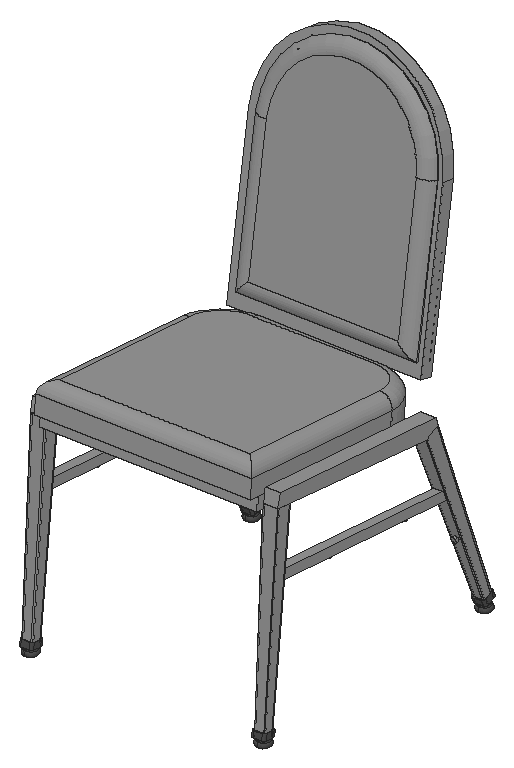
Revit family "8227", category Furniture, Revit 2020
Family settings
  OmniClass Number = 23.40.20.14.14.11
  OmniClass Title = Chairs
  Work Plane-Based = No
  Always vertical = Yes
  Cut with Voids When Loaded = No
  Shared = Yes
  Room Calculation Point = No
Parameters (values of type "Chair-Desk")
  Seat/Back Material = Textile - Slate Blue
  Default Elevation = 0 mm
  Base Material = Steel, Chrome Plated
  Assembly Code = "E2020200"
Reference planes
  plane 1: y = -176.811
  plane 2: z = 0
  plane 3 "Center (Left/Right)": through (297.766, 0, 0.069) normal (0.9998, 0, 0.0175)
  plane 4: z = 0
  plane 5: y = 376.652
  plane 6: y = -174.348
  plane 7: z = 0
  plane 8: through (-799.018, 214.634, 371.111) normal (0, 0.3746, -0.9272)
  plane 9: through (-799.018, -156.842, 14.302) normal (0, 0.0839, 0.9965)
  plane 10: through (-799.018, -114.45, 401.491) normal (0, 0.1413, 0.99)
  plane 11: z = 940
  plane 12: through (-799.018, 238.893, 377.093) normal (0, 0.0049, 1)
  plane 13: z = 480
  plane 14: z = 16
  plane 15: x = -10
  plane 16: through (-799.018, 272.866, 451.103) normal (0, 0.987, -0.1605)
  plane 17: through (-799.018, 232.541, 396.741) normal (0, 0.0913, 0.9958)
  plane 18: x = 460
  plane 19: x = 31.831
  plane 20: x = 406.831
  plane 21: through (-799.018, 351.369, 931.305) normal (0, -0.1635, -0.9865)
  plane 22: through (-799.018, 267.665, 426.624) normal (0, -0.1635, -0.9865)
  plane 23: x = 15
  plane 24: x = 435
Forms (mm)
  SweptBlend 1, solid, material "8227_metal 1"
    path origin (0, -310.908, 403.908) x (0, -1, 0.000197) y (0, -0.000197, -1)
      loop
        line (-176.812, -0.71) -> (-144.178, 387.922)
    profile origin (0, -134.096, 404.583) x (0, 0.996476, -0.083874) y (1, 0, 0)
      loop
        arc (-15, -13.394) -> (-14.53, -14.53) -> (-13.394, -15) r 1.606
        line (-13.394, -15) -> (13.447, -15)
        arc (13.447, -15) -> (14.545, -14.545) -> (15, -13.447) r 1.553
        line (15, -13.447) -> (15, 13.351)
        arc (15, 13.351) -> (14.517, 14.517) -> (13.351, 15) r 1.649
        line (13.351, 15) -> (-13.419, 15)
        arc (-13.419, 15) -> (-14.537, 14.537) -> (-15, 13.419) r 1.581
        line (-15, 13.419) -> (-15, -13.394)
    end profile origin (0, -166.807, 15.957) x (0, 0.996476, -0.083874) y (1, 0, 0)
      loop
        arc (-10, -8.398) -> (-9.531, -9.531) -> (-8.398, -10) r 1.602
        line (-8.398, -10) -> (8.419, -10)
        arc (8.419, -10) -> (9.537, -9.537) -> (10, -8.419) r 1.581
        line (10, -8.419) -> (10, 8.376)
        arc (10, 8.376) -> (9.524, 9.524) -> (8.376, 10) r 1.624
        line (8.376, 10) -> (-8.405, 10)
        arc (-8.405, 10) -> (-9.533, 9.533) -> (-10, 8.405) r 1.595
        line (-10, 8.405) -> (-10, -8.398)
  SweptBlend 2, solid, material "8227_metal 1"
    path origin (0, -47.698, 67.889) x (0, 1, 0) y (0, 0, 1)
      loop
        line (271.851, 307.067) -> (415.161, -47.637)
    profile origin (0, 224.153, 374.956) x (0, 0.927184, 0.374607) y (1, 0, 0)
      loop
        arc (15, 13.433) -> (14.541, 14.541) -> (13.433, 15) r 1.567
        line (13.433, 15) -> (-13.401, 15)
        arc (-13.401, 15) -> (-14.532, 14.532) -> (-15, 13.401) r 1.599
        line (-15, 13.401) -> (-15, -13.4)
        arc (-15, -13.4) -> (-14.531, -14.531) -> (-13.4, -15) r 1.6
        line (-13.4, -15) -> (13.385, -15)
        arc (13.385, -15) -> (14.527, -14.527) -> (15, -13.385) r 1.615
        line (15, -13.385) -> (15, 13.433)
    end profile origin (0, 367.463, 20.251) x (0, 0.927184, 0.374607) y (1, 0, 0)
      loop
        arc (-8.435, 10) -> (-9.542, 9.542) -> (-10, 8.435) r 1.565
        line (-10, 8.435) -> (-10, -8.414)
        arc (-10, -8.414) -> (-9.535, -9.535) -> (-8.414, -10) r 1.586
        line (-8.414, -10) -> (8.362, -10)
        arc (8.362, -10) -> (9.52, -9.52) -> (10, -8.362) r 1.638
        line (10, -8.362) -> (10, 8.404)
        arc (10, 8.404) -> (9.533, 9.533) -> (8.404, 10) r 1.596
        line (8.404, 10) -> (-8.435, 10)
  Extrusion 3, solid, material "8227_metal 1"
    sketch origin (0, -13.82, -7.939) x (0, 0.998328, -0.057811) y (0, 0.057811, 0.998328)
      loop
        line (201.898, 389.607) -> (228.954, 402.405) -> (222.554, 418.246) -> (-155.062, 430.926) -> (-158.791, 405.453) -> (201.898, 389.607)
    from -15 to 15
  Sweep 4, solid, material "8227_metal 1"
    path origin (0, -16.016, -6.743) x (0, 0.998521, -0.054375) y (0, 0.054375, 0.998521)
      loop
        line (269.962, 259.072) -> (-131.614, 272.939)
    profile origin (0, 67.519, 255.108) x (0, -0.088803, -0.996049) y (1, 0, 0)
      loop
        line (0, 9) -> (-18, 9) -> (-18, -9) -> (0, -9) -> (0, 9)
  Extrusion 5, solid, material "8227_metal 1"
    sketch origin (14.625, 321.18, 232.493) x (0, -0.996049, 0.088803) y (-1, 0, 0)
      loop
        line (142.759, 18.16) -> (142.786, 11.509) -> (148.56, 8.206) -> (154.28, 11.539) -> (154.28, 18.279) -> (148.569, 21.546) -> (142.759, 18.16)
    from 0 to 4.8
  Extrusion 6, solid, material "8227_metal 1"
    sketch origin (14.625, 136.911, 248.921) x (0, -0.996049, 0.088803) y (-1, 0, 0)
      loop
        line (142.759, 18.16) -> (142.786, 11.509) -> (148.56, 8.206) -> (154.28, 11.539) -> (154.28, 18.279) -> (148.569, 21.546) -> (142.759, 18.16)
    from 0 to 4.8
  Extrusion 7, solid
    sketch origin (0.008, 367.454, 20.247) x (0, -0.927184, -0.374607) y (-1, 0, 0)
      loop
        line (-10.01, 8.37) -> (-10.01, -8.396)
        arc (-10.01, -8.396) -> (-9.543, -9.525) -> (-8.415, -9.992) r 1.596
        line (-8.415, -9.992) -> (8.425, -9.992)
        arc (8.425, -9.992) -> (9.531, -9.534) -> (9.99, -8.427) r 1.565
        line (9.99, -8.427) -> (9.99, 8.422)
        arc (9.99, 8.422) -> (9.525, 9.543) -> (8.403, 10.008) r 1.586
        line (8.403, 10.008) -> (-8.372, 10.008)
        arc (-8.372, 10.008) -> (-9.531, 9.528) -> (-10.01, 8.37) r 1.638
      loop
        line (-13.01, 8.37) -> (-13.01, -8.396)
        arc (-13.01, -8.396) -> (-11.664, -11.646) -> (-8.415, -12.992) r 4.596
        line (-8.415, -12.992) -> (8.425, -12.992)
        arc (8.425, -12.992) -> (11.653, -11.655) -> (12.99, -8.427) r 4.565
        line (12.99, -8.427) -> (12.99, 8.422)
        arc (12.99, 8.422) -> (11.646, 11.665) -> (8.403, 13.008) r 4.586
        line (8.403, 13.008) -> (-8.372, 13.008)
        arc (-8.372, 13.008) -> (-11.652, 11.65) -> (-13.01, 8.37) r 4.638
    from 2 to -10
  Extrusion 8, solid
    sketch origin (0.008, 367.454, 20.247) x (0, -0.927184, -0.374607) y (-1, 0, 0)
      loop
        arc (-10.01, -8.396) -> (-9.543, -9.525) -> (-8.415, -9.992) r 1.596
        line (-8.415, -9.992) -> (8.425, -9.992)
        arc (8.425, -9.992) -> (9.531, -9.534) -> (9.99, -8.427) r 1.565
        line (9.99, -8.427) -> (9.99, 8.422)
        arc (9.99, 8.422) -> (9.525, 9.543) -> (8.403, 10.008) r 1.586
        line (8.403, 10.008) -> (-8.372, 10.008)
        arc (-8.372, 10.008) -> (-9.531, 9.528) -> (-10.01, 8.37) r 1.638
        line (-10.01, 8.37) -> (-10.01, -8.396)
    from 0 to 2
  Extrusion 9, solid
    sketch origin (-0.004, -166.808, 15.957) x (-1, 0, 0) y (0, 0.996476, -0.083874)
      loop
        line (-8.41, -9.999) -> (8.393, -9.999)
        arc (8.393, -9.999) -> (9.526, -9.53) -> (9.996, -8.397) r 1.602
        line (9.996, -8.397) -> (9.996, 8.42)
        arc (9.996, 8.42) -> (9.533, 9.538) -> (8.415, 10.001) r 1.581
        line (8.415, 10.001) -> (-8.38, 10.001)
        arc (-8.38, 10.001) -> (-9.529, 9.525) -> (-10.004, 8.377) r 1.624
        line (-10.004, 8.377) -> (-10.004, -8.404)
        arc (-10.004, -8.404) -> (-9.537, -9.532) -> (-8.41, -9.999) r 1.595
      loop
        line (-8.41, -12.999) -> (8.393, -12.999)
        arc (8.393, -12.999) -> (11.648, -11.651) -> (12.996, -8.397) r 4.602
        line (12.996, -8.397) -> (12.996, 8.42)
        arc (12.996, 8.42) -> (11.654, 11.659) -> (8.415, 13.001) r 4.581
        line (8.415, 13.001) -> (-8.38, 13.001)
        arc (-8.38, 13.001) -> (-11.65, 11.647) -> (-13.004, 8.377) r 4.624
        line (-13.004, 8.377) -> (-13.004, -8.404)
        arc (-13.004, -8.404) -> (-11.659, -11.653) -> (-8.41, -12.999) r 4.595
    from 2 to -10
  Extrusion 10, solid
    sketch origin (-0.004, -166.808, 15.957) x (-1, 0, 0) y (0, 0.996476, -0.083874)
      loop
        arc (8.393, -9.999) -> (9.526, -9.53) -> (9.996, -8.397) r 1.602
        line (9.996, -8.397) -> (9.996, 8.42)
        arc (9.996, 8.42) -> (9.533, 9.538) -> (8.415, 10.001) r 1.581
        line (8.415, 10.001) -> (-8.38, 10.001)
        arc (-8.38, 10.001) -> (-9.529, 9.525) -> (-10.004, 8.377) r 1.624
        line (-10.004, 8.377) -> (-10.004, -8.404)
        arc (-10.004, -8.404) -> (-9.537, -9.532) -> (-8.41, -9.999) r 1.595
        line (-8.41, -9.999) -> (8.393, -9.999)
    from 0 to 2
  Sweep 11, solid, material "8227_metal 1"
    path origin (0, -11.571, 409.314) x (-1, 0, 0) y (0, 0.995994, -0.089423)
      loop
        line (-15, -151.277) -> (-15, 173.723)
        arc (-15, 173.723) -> (-38.431, 230.291) -> (-95, 253.723) r 80
        line (-95, 253.723) -> (-355, 253.723)
        arc (-355, 253.723) -> (-411.569, 230.291) -> (-435, 173.723) r 80
        line (-435, 173.723) -> (-435, -151.277) -> (-15, -151.277)
    profile origin (225, -162.242, 422.841) x (0, -0.995994, 0.089423) y (0, -0.089423, -0.995994)
      loop
        line (0, 25) -> (-25, 25) -> (-25, 0) -> (0, 0) -> (0, 25)
  Extrusion 12, solid
    sketch origin (15, -162.242, 422.841) x (1, 0, 0) y (0, 0.995994, -0.089423)
      loop
        line (25, 195) -> (395, 195) -> (395, 220) -> (25, 220) -> (25, 195)
    from 0 to -25
  Extrusion 13, solid, material "8227_fabric 1"
    sketch origin (15, -162.242, 422.841) x (1, 0, 0) y (0, 0.995994, -0.089423)
      loop
        line (30.745, 15.373) -> (388.882, 15.373) -> (388.882, 334.627)
        arc (388.882, 334.627) -> (372.773, 373.518) -> (333.882, 389.627) r 55
        line (333.882, 389.627) -> (85.745, 389.627)
        arc (85.745, 389.627) -> (46.855, 373.518) -> (30.745, 334.627) r 55
        line (30.745, 334.627) -> (30.745, 15.373)
    from 0 to 59.386
  Extrusion 14, solid, material "8227_metal 1"
    sketch origin (440, 202.804, 373.722) x (0, 0.927184, 0.374607) y (1, 0, 0)
      loop
        line (17.271, -5) -> (17.271, -431) -> (32, -431) -> (32, -5) -> (17.271, -5)
    from 28.077 to 41.791
  Sweep 15, solid, material "8227_fabric 1"
    path origin (15, -162.242, 422.841) x (1, 0, 0) y (0, 0.995994, -0.089423)
      loop
        line (15.373, 0) -> (404.255, 0) -> (404.255, 325)
        arc (404.255, 325) -> (380.823, 381.569) -> (324.255, 405) r 80
        line (324.255, 405) -> (95.373, 405)
        arc (95.373, 405) -> (38.804, 381.569) -> (15.373, 325) r 80
        line (15.373, 325) -> (15.373, 0)
    profile origin (224.814, -162.242, 422.841) x (0, 0.995994, -0.089423) y (0, 0.089423, 0.995994)
      loop
        line (-14.627, 34.386) -> (-14.627, 0) -> (15.373, 0) -> (15.373, 59.386) -> (10.373, 59.386)
        arc (10.373, 59.386) -> (-7.305, 52.064) -> (-14.627, 34.386) r 25
  Sweep 16, solid, material "8227_metal 1"
    path origin (345, 272.9, 436.359) x (-1, 0, 0) y (0, 0.16349, 0.986545)
      loop
        line (-50, 2.04) -> (300, 2.04) -> (300, 313.711)
        arc (300, 313.711) -> (125, 488.711) -> (-50, 313.711) r 175
        line (-50, 313.711) -> (-50, 2.04)
    profile origin (220, 273.233, 438.372) x (0, 0.16349, 0.986545) y (0, 0.986545, -0.16349)
      loop
        line (12.5, -3.572) -> (12.5, 21.428) -> (-12.5, 21.428) -> (-12.5, -3.572) -> (12.5, -3.572)
  Extrusion 17, solid, material "8227_fabric 1"
    sketch origin (387.5, 271.752, 451.287) x (-1, 0, 0) y (0, -0.16349, -0.986545)
      loop
        arc (20, -299.171) -> (170, -449.171) -> (320, -299.171) r 150
        line (320, -299.171) -> (320, -30) -> (20, -30) -> (20, -299.171)
    from 0 to 15
  Sweep 18, solid, material "8227_fabric 1"
    path origin (397.5, 256.954, 453.74) x (-1, 0, 0) y (0, -0.16349, -0.986545)
      loop
        arc (30, -299.171) -> (175, -444.171) -> (320, -299.171) r 145
        line (320, -299.171) -> (320, -30) -> (30, -30) -> (30, -299.171)
    profile origin (222.5, 329.572, 891.935) x (0, -0.16349, -0.986545) y (0, -0.986545, 0.16349)
      loop
        arc (0, 0) -> (-17.889, -1.722) -> (-30, -15) r 25
        line (-30, -15) -> (0, -15) -> (0, 0)
  Extrusion 19, solid, material "8227_fabric 1"
    sketch origin (222.5, 320.664, 746.433) x (0, 0.16349, 0.986545) y (1, 0, 0)
      loop
        arc (0, -175) -> (175, 0) -> (0, 175) r 175
        line (0, 175) -> (-299.171, 175) -> (-299.171, -175) -> (0, -175)
    from 0 to 30
  Sweep 20, solid, material "8227_fabric 1"
    path origin (222.5, 350.26, 741.528) x (0, 0.16349, 0.986545) y (1, 0, 0)
      loop
        arc (0, -175) -> (175, 0) -> (0, 175) r 175
        line (0, 175) -> (-299.171, 175) -> (-299.171, -175) -> (0, -175)
    profile origin (222.5, 378.871, 914.174) x (0, -0.16349, -0.986545) y (0, 0.986545, -0.16349)
      loop
        line (0, -5) -> (0, 0)
        arc (0, 0) -> (-3.536, -1.464) -> (-5, -5) r 5
        line (-5, -5) -> (0, -5)
  Extrusion 21, solid, material "8227_metal 1"
    sketch origin (32.5, 267.665, 426.624) x (0, 0.16349, 0.986545) y (0, 0.986545, -0.16349)
      loop
        line (-0.089, 12.52) -> (-29.683, 12.52)
        arc (-29.683, 12.52) -> (-49.85, 2.93) -> (-55.14, -18.765) r 26
        line (-55.14, -18.765) -> (-50.45, -21.629)
        arc (-50.45, -21.629) -> (-48.406, -0.189) -> (-29.422, 9.983) r 22.8
        line (-29.422, 9.983) -> (-0.089, 9.983) -> (-0.089, 12.52)
    from -269.872 to -128.098
  Extrusion 22, solid, material "8227_metal 1"
    sketch origin (-235.384, 284.737, 185.004) x (-1, 0, 0) y (0, 0.385129, -0.922863)
      loop
        line (-239.182, 39.021) -> (-239.182, 33.248) -> (-234.182, 30.361) -> (-229.182, 33.248) -> (-229.182, 39.021) -> (-234.182, 41.908) -> (-239.182, 39.021)
    from -2.497 to 2.5
  Extrusion 23, solid, material "8227_metal 1"
    sketch origin (-235.384, -137.799, 186.018) x (-1, 0, 0) y (0, -0.09321, -0.995647)
      loop
        line (-239.182, 39.021) -> (-239.182, 33.248) -> (-234.182, 30.361) -> (-229.182, 33.248) -> (-229.182, 39.021) -> (-234.182, 41.908) -> (-239.182, 39.021)
    from -2.497 to 2.5
  SweptBlend 24, solid, material "8227_metal 1"
    path origin (450, -310.908, 403.908) x (0, -1, 0.000197) y (0, -0.000197, -1)
      loop
        line (-176.812, -0.71) -> (-144.178, 387.922)
    profile origin (450, -134.096, 404.583) x (0, 0.996476, -0.083874) y (1, 0, 0)
      loop
        arc (-15, -13.394) -> (-14.53, -14.53) -> (-13.394, -15) r 1.606
        line (-13.394, -15) -> (13.447, -15)
        arc (13.447, -15) -> (14.545, -14.545) -> (15, -13.447) r 1.553
        line (15, -13.447) -> (15, 13.351)
        arc (15, 13.351) -> (14.517, 14.517) -> (13.351, 15) r 1.649
        line (13.351, 15) -> (-13.419, 15)
        arc (-13.419, 15) -> (-14.537, 14.537) -> (-15, 13.419) r 1.581
        line (-15, 13.419) -> (-15, -13.394)
    end profile origin (450, -166.807, 15.957) x (0, 0.996476, -0.083874) y (1, 0, 0)
      loop
        arc (-10, -8.398) -> (-9.531, -9.531) -> (-8.398, -10) r 1.602
        line (-8.398, -10) -> (8.419, -10)
        arc (8.419, -10) -> (9.537, -9.537) -> (10, -8.419) r 1.581
        line (10, -8.419) -> (10, 8.376)
        arc (10, 8.376) -> (9.524, 9.524) -> (8.376, 10) r 1.624
        line (8.376, 10) -> (-8.405, 10)
        arc (-8.405, 10) -> (-9.533, 9.533) -> (-10, 8.405) r 1.595
        line (-10, 8.405) -> (-10, -8.398)
  Extrusion 25, solid, material "8227_metal 1"
    sketch origin (450, -13.82, -7.939) x (0, 0.998328, -0.057811) y (0, 0.057811, 0.998328)
      loop
        line (201.898, 389.607) -> (228.954, 402.405) -> (222.554, 418.246) -> (-155.062, 430.926) -> (-158.791, 405.453) -> (201.898, 389.607)
    from -15 to 15
  Sweep 26, solid, material "8227_metal 1"
    path origin (450, -16.016, -6.743) x (0, 0.998521, -0.054375) y (0, 0.054375, 0.998521)
      loop
        line (269.962, 259.072) -> (-131.614, 272.939)
    profile origin (450, 67.519, 255.108) x (0, -0.088803, -0.996049) y (1, 0, 0)
      loop
        line (0, 9) -> (-18, 9) -> (-18, -9) -> (0, -9) -> (0, 9)
  Extrusion 27, solid, material "8227_metal 1"
    sketch origin (464.625, 321.18, 232.493) x (0, -0.996049, 0.088803) y (-1, 0, 0)
      loop
        line (142.759, 18.16) -> (142.786, 11.509) -> (148.56, 8.206) -> (154.28, 11.539) -> (154.28, 18.279) -> (148.569, 21.546) -> (142.759, 18.16)
    from 0 to 4.8
  Extrusion 28, solid, material "8227_metal 1"
    sketch origin (464.625, 136.911, 248.921) x (0, -0.996049, 0.088803) y (-1, 0, 0)
      loop
        line (142.759, 18.16) -> (142.786, 11.509) -> (148.56, 8.206) -> (154.28, 11.539) -> (154.28, 18.279) -> (148.569, 21.546) -> (142.759, 18.16)
    from 0 to 4.8
  Extrusion 29, solid
    sketch origin (449.996, -166.808, 15.957) x (-1, 0, 0) y (0, 0.996476, -0.083874)
      loop
        line (-8.41, -9.999) -> (8.393, -9.999)
        arc (8.393, -9.999) -> (9.526, -9.53) -> (9.996, -8.397) r 1.602
        line (9.996, -8.397) -> (9.996, 8.42)
        arc (9.996, 8.42) -> (9.533, 9.538) -> (8.415, 10.001) r 1.581
        line (8.415, 10.001) -> (-8.38, 10.001)
        arc (-8.38, 10.001) -> (-9.529, 9.525) -> (-10.004, 8.377) r 1.624
        line (-10.004, 8.377) -> (-10.004, -8.404)
        arc (-10.004, -8.404) -> (-9.537, -9.532) -> (-8.41, -9.999) r 1.595
      loop
        line (-8.41, -12.999) -> (8.393, -12.999)
        arc (8.393, -12.999) -> (11.648, -11.651) -> (12.996, -8.397) r 4.602
        line (12.996, -8.397) -> (12.996, 8.42)
        arc (12.996, 8.42) -> (11.654, 11.659) -> (8.415, 13.001) r 4.581
        line (8.415, 13.001) -> (-8.38, 13.001)
        arc (-8.38, 13.001) -> (-11.65, 11.647) -> (-13.004, 8.377) r 4.624
        line (-13.004, 8.377) -> (-13.004, -8.404)
        arc (-13.004, -8.404) -> (-11.659, -11.653) -> (-8.41, -12.999) r 4.595
    from 2 to -10
  Extrusion 30, solid
    sketch origin (449.996, -166.808, 15.957) x (-1, 0, 0) y (0, 0.996476, -0.083874)
      loop
        arc (8.393, -9.999) -> (9.526, -9.53) -> (9.996, -8.397) r 1.602
        line (9.996, -8.397) -> (9.996, 8.42)
        arc (9.996, 8.42) -> (9.533, 9.538) -> (8.415, 10.001) r 1.581
        line (8.415, 10.001) -> (-8.38, 10.001)
        arc (-8.38, 10.001) -> (-9.529, 9.525) -> (-10.004, 8.377) r 1.624
        line (-10.004, 8.377) -> (-10.004, -8.404)
        arc (-10.004, -8.404) -> (-9.537, -9.532) -> (-8.41, -9.999) r 1.595
        line (-8.41, -9.999) -> (8.393, -9.999)
    from 0 to 2
  Extrusion 31, solid, material "8227_metal 1"
    sketch origin (214.616, -137.799, 186.018) x (-1, 0, 0) y (0, -0.09321, -0.995647)
      loop
        line (-239.182, 39.021) -> (-239.182, 33.248) -> (-234.182, 30.361) -> (-229.182, 33.248) -> (-229.182, 39.021) -> (-234.182, 41.908) -> (-239.182, 39.021)
    from -2.497 to 2.5
  SweptBlend 32, solid, material "8227_metal 1"
    path origin (450, -47.698, 67.889) x (0, 1, 0) y (0, 0, 1)
      loop
        line (271.851, 307.067) -> (415.161, -47.637)
    profile origin (450, 224.153, 374.956) x (0, 0.927184, 0.374607) y (1, 0, 0)
      loop
        arc (15, 13.433) -> (14.541, 14.541) -> (13.433, 15) r 1.567
        line (13.433, 15) -> (-13.401, 15)
        arc (-13.401, 15) -> (-14.532, 14.532) -> (-15, 13.401) r 1.599
        line (-15, 13.401) -> (-15, -13.4)
        arc (-15, -13.4) -> (-14.531, -14.531) -> (-13.4, -15) r 1.6
        line (-13.4, -15) -> (13.385, -15)
        arc (13.385, -15) -> (14.527, -14.527) -> (15, -13.385) r 1.615
        line (15, -13.385) -> (15, 13.433)
    end profile origin (450, 367.463, 20.251) x (0, 0.927184, 0.374607) y (1, 0, 0)
      loop
        arc (-8.435, 10) -> (-9.542, 9.542) -> (-10, 8.435) r 1.565
        line (-10, 8.435) -> (-10, -8.414)
        arc (-10, -8.414) -> (-9.535, -9.535) -> (-8.414, -10) r 1.586
        line (-8.414, -10) -> (8.362, -10)
        arc (8.362, -10) -> (9.52, -9.52) -> (10, -8.362) r 1.638
        line (10, -8.362) -> (10, 8.404)
        arc (10, 8.404) -> (9.533, 9.533) -> (8.404, 10) r 1.596
        line (8.404, 10) -> (-8.435, 10)
  Extrusion 33, solid
    sketch origin (450.008, 367.454, 20.247) x (0, -0.927184, -0.374607) y (-1, 0, 0)
      loop
        line (-10.01, 8.37) -> (-10.01, -8.396)
        arc (-10.01, -8.396) -> (-9.543, -9.525) -> (-8.415, -9.992) r 1.596
        line (-8.415, -9.992) -> (8.425, -9.992)
        arc (8.425, -9.992) -> (9.531, -9.534) -> (9.99, -8.427) r 1.565
        line (9.99, -8.427) -> (9.99, 8.422)
        arc (9.99, 8.422) -> (9.525, 9.543) -> (8.403, 10.008) r 1.586
        line (8.403, 10.008) -> (-8.372, 10.008)
        arc (-8.372, 10.008) -> (-9.531, 9.528) -> (-10.01, 8.37) r 1.638
      loop
        line (-13.01, 8.37) -> (-13.01, -8.396)
        arc (-13.01, -8.396) -> (-11.664, -11.646) -> (-8.415, -12.992) r 4.596
        line (-8.415, -12.992) -> (8.425, -12.992)
        arc (8.425, -12.992) -> (11.653, -11.655) -> (12.99, -8.427) r 4.565
        line (12.99, -8.427) -> (12.99, 8.422)
        arc (12.99, 8.422) -> (11.646, 11.665) -> (8.403, 13.008) r 4.586
        line (8.403, 13.008) -> (-8.372, 13.008)
        arc (-8.372, 13.008) -> (-11.652, 11.65) -> (-13.01, 8.37) r 4.638
    from 2 to -10
  Extrusion 34, solid
    sketch origin (450.008, 367.454, 20.247) x (0, -0.927184, -0.374607) y (-1, 0, 0)
      loop
        arc (-10.01, -8.396) -> (-9.543, -9.525) -> (-8.415, -9.992) r 1.596
        line (-8.415, -9.992) -> (8.425, -9.992)
        arc (8.425, -9.992) -> (9.531, -9.534) -> (9.99, -8.427) r 1.565
        line (9.99, -8.427) -> (9.99, 8.422)
        arc (9.99, 8.422) -> (9.525, 9.543) -> (8.403, 10.008) r 1.586
        line (8.403, 10.008) -> (-8.372, 10.008)
        arc (-8.372, 10.008) -> (-9.531, 9.528) -> (-10.01, 8.37) r 1.638
        line (-10.01, 8.37) -> (-10.01, -8.396)
    from 0 to 2
  Extrusion 35, solid, material "8227_metal 1"
    sketch origin (214.616, 284.737, 185.004) x (-1, 0, 0) y (0, 0.385129, -0.922863)
      loop
        line (-239.182, 39.021) -> (-239.182, 33.248) -> (-234.182, 30.361) -> (-229.182, 33.248) -> (-229.182, 39.021) -> (-234.182, 41.908) -> (-239.182, 39.021)
    from -2.497 to 2.5
  Revolve 36, solid
    sketch origin (-0.987, 267.318, 426.463) x (0, 0.158682, 0.98733) y (0, 0.98733, -0.158682)
      loop
        arc (-388.005, 172.433) -> (-390.366, 173.698) -> (-391.445, 176.149) r 4.106
        arc (-391.445, 176.149) -> (-391.534, 176.522) -> (-391.86, 176.722) r 0.5
        line (-391.86, 176.722) -> (-395.292, 177.422) -> (-395.157, 178.265)
        arc (-395.157, 178.265) -> (-398.789, 180.875) -> (-403.055, 179.535) r 5
        line (-403.055, 179.535) -> (-404.959, 167.687) -> (-381.035, 163.842) -> (-379.864, 171.125) -> (-388.005, 172.433)
      axis (-404.959, 167.687) -> (-381.035, 163.842)
    angle from 0 to 360
  Revolve 37, solid
    sketch origin (-0.987, -267.682, 426.463) x (0, 0.158682, 0.98733) y (0, 0.98733, -0.158682)
      loop
        arc (-388.005, 172.433) -> (-390.366, 173.698) -> (-391.445, 176.149) r 4.106
        arc (-391.445, 176.149) -> (-391.534, 176.522) -> (-391.86, 176.722) r 0.5
        line (-391.86, 176.722) -> (-395.292, 177.422) -> (-395.157, 178.265)
        arc (-395.157, 178.265) -> (-398.789, 180.875) -> (-403.055, 179.535) r 5
        line (-403.055, 179.535) -> (-404.959, 167.687) -> (-381.035, 163.842) -> (-379.864, 171.125) -> (-388.005, 172.433)
      axis (-404.959, 167.687) -> (-381.035, 163.842)
    angle from 0 to 360
  Revolve 38, solid
    sketch origin (450.144, 267.318, 426.463) x (0, 0.158682, 0.98733) y (0, 0.98733, -0.158682)
      loop
        arc (-388.005, 172.433) -> (-390.366, 173.698) -> (-391.445, 176.149) r 4.106
        arc (-391.445, 176.149) -> (-391.534, 176.522) -> (-391.86, 176.722) r 0.5
        line (-391.86, 176.722) -> (-395.292, 177.422) -> (-395.157, 178.265)
        arc (-395.157, 178.265) -> (-398.789, 180.875) -> (-403.055, 179.535) r 5
        line (-403.055, 179.535) -> (-404.959, 167.687) -> (-381.035, 163.842) -> (-379.864, 171.125) -> (-388.005, 172.433)
      axis (-404.959, 167.687) -> (-381.035, 163.842)
    angle from 0 to 360
  Revolve 39, solid
    sketch origin (450.144, -267.682, 426.463) x (0, 0.158682, 0.98733) y (0, 0.98733, -0.158682)
      loop
        arc (-388.005, 172.433) -> (-390.366, 173.698) -> (-391.445, 176.149) r 4.106
        arc (-391.445, 176.149) -> (-391.534, 176.522) -> (-391.86, 176.722) r 0.5
        line (-391.86, 176.722) -> (-395.292, 177.422) -> (-395.157, 178.265)
        arc (-395.157, 178.265) -> (-398.789, 180.875) -> (-403.055, 179.535) r 5
        line (-403.055, 179.535) -> (-404.959, 167.687) -> (-381.035, 163.842) -> (-379.864, 171.125) -> (-388.005, 172.433)
      axis (-404.959, 167.687) -> (-381.035, 163.842)
    angle from 0 to 360
Cuts and joins
  joined: Extrusion 7, Extrusion 8
  joined: Extrusion 9, Extrusion 10
  joined: Extrusion 17, Sweep 18
  joined: Extrusion 19, Sweep 20
  joined: Extrusion 13, Sweep 15
Dimensions and locks
  plane 7 to plane 11 = 940 mm
  plane 7 to plane 13 = 480 mm
  plane 5 to plane 6 = 551 mm
  plane 5 to plane 1 = 553.463 mm
  plane 18 to plane 15 = 470 mm
  plane 19 to plane 20 = 375 mm
  plane 22 to plane 21 = 511.575 mm
  plane 24 to plane 23 = 420 mm
  angle plane 17 to plane 16 = 94.00°
